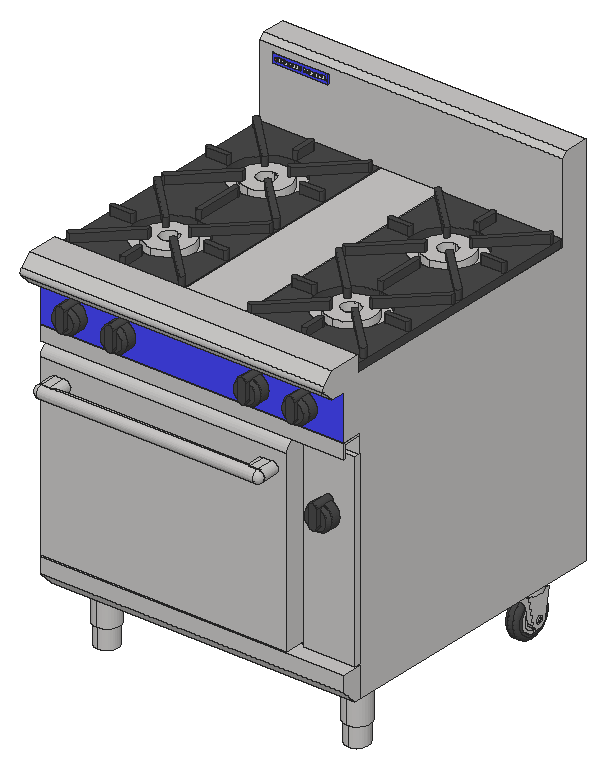
Revit family "QF_MOFFAT_BLUESEAL_CE_G54D", category Specialty Equipment, Revit 2012
Parameters
  Width = 750 mm  # constant formula
  Weight in Pounds = 399
  Watts = 130 W
  Volts = 230 V
  URL Cutsheet = "www.moffat.com"
  URL = "www.moffat.com"
  Type Mark [instance] = ""
  Status [instance] = ""
  Specification by User [instance] = ""
  Specification by Manufacturer = ""
  Show Logo [instance] = yes
  Show Clearance [instance] = yes
  Show Casters [instance] = yes
  Serial Number = ""
  Seismic Rating = ""
  SMACNA No = ""
  Revision Code [instance] = ""
  Phase = 1
  Omniclass Number and Title = ""
  Number of Poles [instance] = 1
  NAFEM Spec ID Number = ""
  Model = "G54D"
  Min Ckt Ampacity = 0 A
  Mechanical Remarks [instance] = ""
  Mechanical Connection Type [instance] = ""
  Max Overcurrent Protection = 0 A
  Masterspec = ""
  Manufacturer = "MOFFAT BLUESEAL"
  Legs [instance] = not(Show Casters)  # no
  Item Number [instance] = ""
  Installed By [instance] = ""
  Identify Quantity as Lot [instance] = yes
  Height = 1085 mm  # constant formula
  HP = ""
  Gas Size = 3/4"
  Gas RI Height [instance] = 0 mm
  Gas KW = 37
  Gas Input = 126000.0 Btu/h
  Gas Connection Height = 0 mm
  Furnished By [instance] = ""
  Foodservice Equipment Identifier [instance] = yes
  FL Amps = 0.6 A
  Electrical Remarks = ""
  Electric Connection Type = ""
  Elec Conn RI Height = 0 mm
  Elec Conn Connection Height = 0 mm
  Description = "750MM GAS RANGE WITH CONVECTION OVEN"
  Depth = 812 mm  # constant formula
  Cycle = 60 Hz
  Conn Plug = ""
  Conn Conduit = yes
  CSI MasterFormat = ""
  CSI Master Format = ""
  Apparent Power = 0 VA
Reference planes
  plane 1 "BACK": y = 0
  plane 2: z = 0
  plane 3 "LEFT": x = 0
  plane 4 "RIGHT": x = 750
  plane 5 "FRONT": y = -812
  plane 6 "TOP": z = 970
  plane 7 "Center Y": x = 375
  plane 8 "Center X": y = -406
  plane 9: y = -100
  plane 10 "Base Height": z = 150
  plane 11: x = 65.8
  plane 12: x = 620
  plane 13: x = 685
  plane 14: x = 684.2
  plane 15: y = -500
  plane 16: x = 676
  plane 17: z = 1085
Forms (mm)
  Extrusion 1, solid, material "QF_Finishes_Stainless Steel"
    sketch origin (0, 0, 0) x (0, 1, 0) y (0, 0, 1)
      loop
        line (-784.97, 850) -> (-749, 850) -> (-749, 740) -> (-699, 740) -> (-699, 150) -> (0, 150) -> (0, 1085) -> (-57.5, 1085) -> (-70, 1072.5) -> (-70, 875) -> (-705, 875) -> (-705, 915) -> (-783.97, 915) -> (-808.469, 890.501)
        arc (-808.469, 890.501) -> (-811.99, 882) -> (-808.469, 873.499) r 12.022
        line (-808.469, 873.499) -> (-784.97, 850)
    from 0 to 750
  Extrusion 2, solid, material "QF_Finishes_Stainless Steel"
    sketch origin (555.062, 3, 100) x (1, 0, 0) y (0, 1, 0)
      loop
        circle (65, -35) r 13.5
    from 555 to 640
  Revolve 3, solid, material "QF_Finishes_Stainless Steel"
    sketch origin (65, -728, 0) x (0, 1, 0) y (0, 0, 1)
      loop
        line (71.25, 150) -> (71.25, 50) -> (75.5, 50) -> (75.5, 0) -> (103, 0) -> (103, 150) -> (71.25, 150)
      axis (103, 150) -> (103, 0)
    angle from 0 to 360
  Extrusion 4, solid, material "QF_Finishes_Black"
    sketch origin (0, -70, 875) x (0, -1, 0) y (1, 0, 0)
      loop
        arc (1, 4) -> (1.879, 1.879) -> (4, 1) r 3
        line (4, 1) -> (632, 1)
        arc (632, 1) -> (634.121, 1.879) -> (635, 4) r 3
        line (635, 4) -> (635, 297)
        arc (635, 297) -> (634.121, 299.121) -> (632, 300) r 3
        line (632, 300) -> (4, 300)
        arc (4, 300) -> (1.879, 299.121) -> (1, 297) r 3
        line (1, 297) -> (1, 4)
      loop
        circle (167.5, 150) r 85
      loop
        circle (467.768, 150) r 85
    from 0 to 19.5
  Extrusion 5, solid, material "QF_Finishes_Black"
    sketch origin (0, -73.5, 894.5) x (0, -1, 0) y (1, 0, 0)
      loop
        spline (323.602, 15.153) -> (322.681, 13.924) -> (322.131, 12.47) -> (321.99, 10.89) -> (322.267, 9.292) -> (322.943, 7.786) -> (323.973, 6.473) -> (325.286, 5.443) -> (326.792, 4.767) -> (328.39, 4.49) -> (329.97, 4.631) -> (331.424, 5.181) -> (332.653, 6.102)
        line (332.653, 6.102) -> (440.576, 114.025)
        spline (440.576, 114.025) -> (441.337, 115.095) -> (441.738, 116.399) -> (441.751, 117.851) -> (441.375, 119.35) -> (440.637, 120.795) -> (439.586, 122.086) -> (438.295, 123.137) -> (436.85, 123.875) -> (435.351, 124.251) -> (433.899, 124.238) -> (432.595, 123.837) -> (431.525, 123.076)
        line (431.525, 123.076) -> (323.602, 15.153)
      loop
        spline (371.852, 143.6) -> (373.146, 143.818) -> (374.352, 144.457) -> (375.388, 145.475) -> (376.182, 146.8) -> (376.682, 148.344) -> (376.852, 150) -> (376.682, 151.656) -> (376.182, 153.2) -> (375.388, 154.525) -> (374.352, 155.543) -> (373.146, 156.182) -> (371.852, 156.4)
        line (371.852, 156.4) -> (259.398, 156.4)
        spline (259.398, 156.4) -> (258.104, 156.182) -> (256.898, 155.543) -> (255.862, 154.525) -> (255.068, 153.2) -> (254.568, 151.656) -> (254.398, 150) -> (254.568, 148.344) -> (255.068, 146.8) -> (255.862, 145.475) -> (256.898, 144.457) -> (258.104, 143.818) -> (259.398, 143.6)
        line (259.398, 143.6) -> (371.852, 143.6)
      loop
        line (311.398, 15.153) -> (203.475, 123.076)
        spline (203.475, 123.076) -> (202.405, 123.837) -> (201.101, 124.238) -> (199.649, 124.251) -> (198.15, 123.875) -> (196.705, 123.137) -> (195.414, 122.086) -> (194.363, 120.795) -> (193.625, 119.35) -> (193.249, 117.851) -> (193.262, 116.399) -> (193.663, 115.095) -> (194.424, 114.025)
        line (194.424, 114.025) -> (302.347, 6.102)
        spline (302.347, 6.102) -> (303.416, 5.341) -> (304.721, 4.941) -> (306.172, 4.928) -> (307.671, 5.303) -> (309.116, 6.041) -> (310.408, 7.092) -> (311.459, 8.384) -> (312.197, 9.829) -> (312.572, 11.328) -> (312.559, 12.779) -> (312.159, 14.084) -> (311.398, 15.153)
      loop
        line (323.602, 284.847) -> (431.525, 176.924)
        spline (431.525, 176.924) -> (432.595, 176.163) -> (433.899, 175.762) -> (435.351, 175.749) -> (436.85, 176.125) -> (438.295, 176.863) -> (439.586, 177.914) -> (440.637, 179.205) -> (441.375, 180.65) -> (441.751, 182.149) -> (441.738, 183.601) -> (441.337, 184.905) -> (440.576, 185.975)
        line (440.576, 185.975) -> (332.653, 293.898)
        spline (332.653, 293.898) -> (331.424, 294.819) -> (329.97, 295.369) -> (328.39, 295.51) -> (326.792, 295.233) -> (325.286, 294.557) -> (323.973, 293.527) -> (322.943, 292.214) -> (322.267, 290.708) -> (321.99, 289.11) -> (322.131, 287.53) -> (322.681, 286.076) -> (323.602, 284.847)
      loop
        spline (311.398, 284.847) -> (312.159, 285.916) -> (312.559, 287.221) -> (312.572, 288.672) -> (312.197, 290.171) -> (311.459, 291.616) -> (310.408, 292.908) -> (309.116, 293.959) -> (307.671, 294.697) -> (306.172, 295.072) -> (304.721, 295.059) -> (303.416, 294.659) -> (302.347, 293.898)
        line (302.347, 293.898) -> (194.424, 185.975)
        spline (194.424, 185.975) -> (193.663, 184.905) -> (193.262, 183.601) -> (193.249, 182.149) -> (193.625, 180.65) -> (194.363, 179.205) -> (195.414, 177.914) -> (196.705, 176.863) -> (198.15, 176.125) -> (199.649, 175.749) -> (201.101, 175.762) -> (202.405, 176.163) -> (203.475, 176.924)
        line (203.475, 176.924) -> (311.398, 284.847)
      loop
        spline (73.549, 143.6) -> (74.844, 143.818) -> (76.049, 144.457) -> (77.085, 145.475) -> (77.88, 146.8) -> (78.379, 148.344) -> (78.549, 150) -> (78.379, 151.656) -> (77.88, 153.2) -> (77.085, 154.525) -> (76.049, 155.543) -> (74.844, 156.182) -> (73.549, 156.4)
        line (73.549, 156.4) -> (25.093, 156.4)
        spline (25.093, 156.4) -> (23.799, 156.182) -> (22.593, 155.543) -> (21.558, 154.525) -> (20.763, 153.2) -> (20.264, 151.656) -> (20.093, 150) -> (20.264, 148.344) -> (20.763, 146.8) -> (21.558, 145.475) -> (22.593, 144.457) -> (23.799, 143.818) -> (25.093, 143.6)
        line (25.093, 143.6) -> (73.549, 143.6)
      loop
        spline (608.1, 143.6) -> (609.394, 143.818) -> (610.6, 144.457) -> (611.636, 145.475) -> (612.43, 146.8) -> (612.93, 148.344) -> (613.1, 150) -> (612.93, 151.656) -> (612.43, 153.2) -> (611.636, 154.525) -> (610.6, 155.543) -> (609.394, 156.182) -> (608.1, 156.4)
        line (608.1, 156.4) -> (558.644, 156.4)
        spline (558.644, 156.4) -> (557.35, 156.182) -> (556.144, 155.543) -> (555.108, 154.525) -> (554.314, 153.2) -> (553.814, 151.656) -> (553.644, 150) -> (553.814, 148.344) -> (554.314, 146.8) -> (555.108, 145.475) -> (556.144, 144.457) -> (557.35, 143.818) -> (558.644, 143.6)
        line (558.644, 143.6) -> (608.1, 143.6)
      loop
        spline (457.6, 10.156) -> (457.818, 8.862) -> (458.457, 7.656) -> (459.475, 6.62) -> (460.8, 5.826) -> (462.344, 5.326) -> (464, 5.156) -> (465.656, 5.326) -> (467.2, 5.826) -> (468.525, 6.62) -> (469.543, 7.656) -> (470.182, 8.862) -> (470.4, 10.156)
        line (470.4, 10.156) -> (470.4, 58.612)
        spline (470.4, 58.612) -> (470.182, 59.906) -> (469.543, 61.112) -> (468.525, 62.148) -> (467.2, 62.942) -> (465.656, 63.442) -> (464, 63.612) -> (462.344, 63.442) -> (460.8, 62.942) -> (459.475, 62.148) -> (458.457, 61.112) -> (457.818, 59.906) -> (457.6, 58.612)
        line (457.6, 58.612) -> (457.6, 10.156)
      loop
        spline (160.966, 10.156) -> (161.184, 8.862) -> (161.823, 7.656) -> (162.841, 6.62) -> (164.166, 5.826) -> (165.71, 5.326) -> (167.366, 5.156) -> (169.022, 5.326) -> (170.566, 5.826) -> (171.892, 6.62) -> (172.909, 7.656) -> (173.548, 8.862) -> (173.766, 10.156)
        line (173.766, 10.156) -> (173.766, 58.612)
        spline (173.766, 58.612) -> (173.548, 59.906) -> (172.909, 61.112) -> (171.892, 62.148) -> (170.566, 62.942) -> (169.022, 63.442) -> (167.366, 63.612) -> (165.71, 63.442) -> (164.166, 62.942) -> (162.841, 62.148) -> (161.823, 61.112) -> (161.184, 59.906) -> (160.966, 58.612)
        line (160.966, 58.612) -> (160.966, 10.156)
      loop
        spline (457.6, 241.636) -> (457.818, 240.342) -> (458.457, 239.136) -> (459.475, 238.1) -> (460.8, 237.306) -> (462.344, 236.806) -> (464, 236.636) -> (465.656, 236.806) -> (467.2, 237.306) -> (468.525, 238.1) -> (469.543, 239.136) -> (470.182, 240.342) -> (470.4, 241.636)
        line (470.4, 241.636) -> (470.4, 290.092)
        spline (470.4, 290.092) -> (470.182, 291.386) -> (469.543, 292.592) -> (468.525, 293.628) -> (467.2, 294.422) -> (465.656, 294.922) -> (464, 295.092) -> (462.344, 294.922) -> (460.8, 294.422) -> (459.475, 293.628) -> (458.457, 292.592) -> (457.818, 291.386) -> (457.6, 290.092)
        line (457.6, 290.092) -> (457.6, 241.636)
      loop
        spline (160.966, 241.636) -> (161.184, 240.342) -> (161.823, 239.136) -> (162.841, 238.1) -> (164.166, 237.306) -> (165.71, 236.806) -> (167.366, 236.636) -> (169.022, 236.806) -> (170.566, 237.306) -> (171.892, 238.1) -> (172.909, 239.136) -> (173.548, 240.342) -> (173.766, 241.636)
        line (173.766, 241.636) -> (173.766, 290.092)
        spline (173.766, 290.092) -> (173.548, 291.386) -> (172.909, 292.592) -> (171.892, 293.628) -> (170.566, 294.422) -> (169.022, 294.922) -> (167.366, 295.092) -> (165.71, 294.922) -> (164.166, 294.422) -> (162.841, 293.628) -> (161.823, 292.592) -> (161.184, 291.386) -> (160.966, 290.092)
        line (160.966, 290.092) -> (160.966, 241.636)
      loop
        line (323.602, 734.847) -> (431.525, 626.924)
        spline (431.525, 626.924) -> (432.595, 626.163) -> (433.899, 625.762) -> (435.351, 625.749) -> (436.85, 626.125) -> (438.295, 626.863) -> (439.586, 627.914) -> (440.637, 629.205) -> (441.375, 630.65) -> (441.751, 632.149) -> (441.738, 633.601) -> (441.337, 634.905) -> (440.576, 635.975)
        line (440.576, 635.975) -> (332.653, 743.898)
        spline (332.653, 743.898) -> (331.424, 744.819) -> (329.97, 745.369) -> (328.39, 745.51) -> (326.792, 745.233) -> (325.286, 744.557) -> (323.973, 743.527) -> (322.943, 742.214) -> (322.267, 740.708) -> (321.99, 739.11) -> (322.131, 737.53) -> (322.681, 736.076) -> (323.602, 734.847)
      loop
        line (371.852, 606.4) -> (259.398, 606.4)
        spline (259.398, 606.4) -> (258.104, 606.182) -> (256.898, 605.543) -> (255.862, 604.525) -> (255.068, 603.2) -> (254.568, 601.656) -> (254.398, 600) -> (254.568, 598.344) -> (255.068, 596.8) -> (255.862, 595.475) -> (256.898, 594.457) -> (258.104, 593.818) -> (259.398, 593.6)
        line (259.398, 593.6) -> (371.852, 593.6)
        spline (371.852, 593.6) -> (373.146, 593.818) -> (374.352, 594.457) -> (375.388, 595.475) -> (376.182, 596.8) -> (376.682, 598.344) -> (376.852, 600) -> (376.682, 601.656) -> (376.182, 603.2) -> (375.388, 604.525) -> (374.352, 605.543) -> (373.146, 606.182) -> (371.852, 606.4)
      loop
        spline (311.398, 734.847) -> (312.159, 735.916) -> (312.559, 737.221) -> (312.572, 738.672) -> (312.197, 740.171) -> (311.459, 741.616) -> (310.408, 742.908) -> (309.116, 743.959) -> (307.671, 744.697) -> (306.172, 745.072) -> (304.721, 745.059) -> (303.416, 744.659) -> (302.347, 743.898)
        line (302.347, 743.898) -> (194.424, 635.975)
        spline (194.424, 635.975) -> (193.663, 634.905) -> (193.262, 633.601) -> (193.249, 632.149) -> (193.625, 630.65) -> (194.363, 629.205) -> (195.414, 627.914) -> (196.705, 626.863) -> (198.15, 626.125) -> (199.649, 625.749) -> (201.101, 625.762) -> (202.405, 626.163) -> (203.475, 626.924)
        line (203.475, 626.924) -> (311.398, 734.847)
      loop
        spline (323.602, 465.153) -> (322.681, 463.924) -> (322.131, 462.47) -> (321.99, 460.89) -> (322.267, 459.292) -> (322.943, 457.786) -> (323.973, 456.473) -> (325.286, 455.443) -> (326.792, 454.767) -> (328.39, 454.49) -> (329.97, 454.631) -> (331.424, 455.181) -> (332.653, 456.102)
        line (332.653, 456.102) -> (440.576, 564.025)
        spline (440.576, 564.025) -> (441.337, 565.095) -> (441.738, 566.399) -> (441.751, 567.851) -> (441.375, 569.35) -> (440.637, 570.795) -> (439.586, 572.086) -> (438.295, 573.137) -> (436.85, 573.875) -> (435.351, 574.251) -> (433.899, 574.238) -> (432.595, 573.837) -> (431.525, 573.076)
        line (431.525, 573.076) -> (323.602, 465.153)
      loop
        line (311.398, 465.153) -> (203.475, 573.076)
        spline (203.475, 573.076) -> (202.405, 573.837) -> (201.101, 574.238) -> (199.649, 574.251) -> (198.15, 573.875) -> (196.705, 573.137) -> (195.414, 572.086) -> (194.363, 570.795) -> (193.625, 569.35) -> (193.249, 567.851) -> (193.262, 566.399) -> (193.663, 565.095) -> (194.424, 564.025)
        line (194.424, 564.025) -> (302.347, 456.102)
        spline (302.347, 456.102) -> (303.416, 455.341) -> (304.721, 454.941) -> (306.172, 454.928) -> (307.671, 455.303) -> (309.116, 456.041) -> (310.408, 457.092) -> (311.459, 458.384) -> (312.197, 459.829) -> (312.572, 461.328) -> (312.559, 462.779) -> (312.159, 464.084) -> (311.398, 465.153)
      loop
        line (73.549, 606.4) -> (25.093, 606.4)
        spline (25.093, 606.4) -> (23.799, 606.182) -> (22.593, 605.543) -> (21.558, 604.525) -> (20.763, 603.2) -> (20.264, 601.656) -> (20.093, 600) -> (20.264, 598.344) -> (20.763, 596.8) -> (21.558, 595.475) -> (22.593, 594.457) -> (23.799, 593.818) -> (25.093, 593.6)
        line (25.093, 593.6) -> (73.549, 593.6)
        spline (73.549, 593.6) -> (74.844, 593.818) -> (76.049, 594.457) -> (77.085, 595.475) -> (77.88, 596.8) -> (78.379, 598.344) -> (78.549, 600) -> (78.379, 601.656) -> (77.88, 603.2) -> (77.085, 604.525) -> (76.049, 605.543) -> (74.844, 606.182) -> (73.549, 606.4)
      loop
        line (608.1, 606.4) -> (558.644, 606.4)
        spline (558.644, 606.4) -> (557.35, 606.182) -> (556.144, 605.543) -> (555.108, 604.525) -> (554.314, 603.2) -> (553.814, 601.656) -> (553.644, 600) -> (553.814, 598.344) -> (554.314, 596.8) -> (555.108, 595.475) -> (556.144, 594.457) -> (557.35, 593.818) -> (558.644, 593.6)
        line (558.644, 593.6) -> (608.1, 593.6)
        spline (608.1, 593.6) -> (609.394, 593.818) -> (610.6, 594.457) -> (611.636, 595.475) -> (612.43, 596.8) -> (612.93, 598.344) -> (613.1, 600) -> (612.93, 601.656) -> (612.43, 603.2) -> (611.636, 604.525) -> (610.6, 605.543) -> (609.394, 606.182) -> (608.1, 606.4)
      loop
        line (457.6, 739.844) -> (457.6, 691.388)
        spline (457.6, 691.388) -> (457.818, 690.094) -> (458.457, 688.888) -> (459.475, 687.852) -> (460.8, 687.058) -> (462.344, 686.558) -> (464, 686.388) -> (465.656, 686.558) -> (467.2, 687.058) -> (468.525, 687.852) -> (469.543, 688.888) -> (470.182, 690.094) -> (470.4, 691.388)
        line (470.4, 691.388) -> (470.4, 739.844)
        spline (470.4, 739.844) -> (470.182, 741.138) -> (469.543, 742.344) -> (468.525, 743.38) -> (467.2, 744.174) -> (465.656, 744.674) -> (464, 744.844) -> (462.344, 744.674) -> (460.8, 744.174) -> (459.475, 743.38) -> (458.457, 742.344) -> (457.818, 741.138) -> (457.6, 739.844)
      loop
        line (160.966, 739.844) -> (160.966, 691.388)
        spline (160.966, 691.388) -> (161.184, 690.094) -> (161.823, 688.888) -> (162.841, 687.852) -> (164.166, 687.058) -> (165.71, 686.558) -> (167.366, 686.388) -> (169.022, 686.558) -> (170.566, 687.058) -> (171.892, 687.852) -> (172.909, 688.888) -> (173.548, 690.094) -> (173.766, 691.388)
        line (173.766, 691.388) -> (173.766, 739.844)
        spline (173.766, 739.844) -> (173.548, 741.138) -> (172.909, 742.344) -> (171.892, 743.38) -> (170.566, 744.174) -> (169.022, 744.674) -> (167.366, 744.844) -> (165.71, 744.674) -> (164.166, 744.174) -> (162.841, 743.38) -> (161.823, 742.344) -> (161.184, 741.138) -> (160.966, 739.844)
      loop
        line (457.6, 508.364) -> (457.6, 459.908)
        spline (457.6, 459.908) -> (457.818, 458.614) -> (458.457, 457.408) -> (459.475, 456.372) -> (460.8, 455.578) -> (462.344, 455.078) -> (464, 454.908) -> (465.656, 455.078) -> (467.2, 455.578) -> (468.525, 456.372) -> (469.543, 457.408) -> (470.182, 458.614) -> (470.4, 459.908)
        line (470.4, 459.908) -> (470.4, 508.364)
        spline (470.4, 508.364) -> (470.182, 509.658) -> (469.543, 510.864) -> (468.525, 511.9) -> (467.2, 512.694) -> (465.656, 513.194) -> (464, 513.364) -> (462.344, 513.194) -> (460.8, 512.694) -> (459.475, 511.9) -> (458.457, 510.864) -> (457.818, 509.658) -> (457.6, 508.364)
      loop
        line (160.966, 508.364) -> (160.966, 459.908)
        spline (160.966, 459.908) -> (161.184, 458.614) -> (161.823, 457.408) -> (162.841, 456.372) -> (164.166, 455.578) -> (165.71, 455.078) -> (167.366, 454.908) -> (169.022, 455.078) -> (170.566, 455.578) -> (171.892, 456.372) -> (172.909, 457.408) -> (173.548, 458.614) -> (173.766, 459.908)
        line (173.766, 459.908) -> (173.766, 508.364)
        spline (173.766, 508.364) -> (173.548, 509.658) -> (172.909, 510.864) -> (171.892, 511.9) -> (170.566, 512.694) -> (169.022, 513.194) -> (167.366, 513.364) -> (165.71, 513.194) -> (164.166, 512.694) -> (162.841, 511.9) -> (161.823, 510.864) -> (161.184, 509.658) -> (160.966, 508.364)
      loop
        spline (604.398, 734.847) -> (605.319, 736.076) -> (605.869, 737.53) -> (606.01, 739.11) -> (605.733, 740.708) -> (605.057, 742.214) -> (604.027, 743.527) -> (602.714, 744.557) -> (601.208, 745.233) -> (599.61, 745.51) -> (598.03, 745.369) -> (596.576, 744.819) -> (595.347, 743.898)
        line (595.347, 743.898) -> (487.424, 635.975)
        spline (487.424, 635.975) -> (486.663, 634.905) -> (486.262, 633.601) -> (486.249, 632.149) -> (486.625, 630.65) -> (487.363, 629.205) -> (488.414, 627.914) -> (489.705, 626.863) -> (491.15, 626.125) -> (492.649, 625.749) -> (494.101, 625.762) -> (495.405, 626.163) -> (496.475, 626.924)
        line (496.475, 626.924) -> (604.398, 734.847)
      loop
        line (604.398, 465.153) -> (496.475, 573.076)
        spline (496.475, 573.076) -> (495.405, 573.837) -> (494.101, 574.238) -> (492.649, 574.251) -> (491.15, 573.875) -> (489.705, 573.137) -> (488.414, 572.086) -> (487.363, 570.795) -> (486.625, 569.35) -> (486.249, 567.851) -> (486.262, 566.399) -> (486.663, 565.095) -> (487.424, 564.025)
        line (487.424, 564.025) -> (595.347, 456.102)
        spline (595.347, 456.102) -> (596.576, 455.181) -> (598.03, 454.631) -> (599.61, 454.49) -> (601.208, 454.767) -> (602.714, 455.443) -> (604.027, 456.473) -> (605.057, 457.786) -> (605.733, 459.292) -> (606.01, 460.89) -> (605.869, 462.47) -> (605.319, 463.924) -> (604.398, 465.153)
      loop
        line (604.398, 15.153) -> (496.475, 123.076)
        spline (496.475, 123.076) -> (495.405, 123.837) -> (494.101, 124.238) -> (492.649, 124.251) -> (491.15, 123.875) -> (489.705, 123.137) -> (488.414, 122.086) -> (487.363, 120.795) -> (486.625, 119.35) -> (486.249, 117.851) -> (486.262, 116.399) -> (486.663, 115.095) -> (487.424, 114.025)
        line (487.424, 114.025) -> (595.347, 6.102)
        spline (595.347, 6.102) -> (596.576, 5.181) -> (598.03, 4.631) -> (599.61, 4.49) -> (601.208, 4.767) -> (602.714, 5.443) -> (604.027, 6.473) -> (605.057, 7.786) -> (605.733, 9.292) -> (606.01, 10.89) -> (605.869, 12.47) -> (605.319, 13.924) -> (604.398, 15.153)
      loop
        spline (604.398, 284.847) -> (605.319, 286.076) -> (605.869, 287.53) -> (606.01, 289.11) -> (605.733, 290.708) -> (605.057, 292.214) -> (604.027, 293.527) -> (602.714, 294.557) -> (601.208, 295.233) -> (599.61, 295.51) -> (598.03, 295.369) -> (596.576, 294.819) -> (595.347, 293.898)
        line (595.347, 293.898) -> (487.424, 185.975)
        spline (487.424, 185.975) -> (486.663, 184.905) -> (486.262, 183.601) -> (486.249, 182.149) -> (486.625, 180.65) -> (487.363, 179.205) -> (488.414, 177.914) -> (489.705, 176.863) -> (491.15, 176.125) -> (492.649, 175.749) -> (494.101, 175.762) -> (495.405, 176.163) -> (496.475, 176.924)
        line (496.475, 176.924) -> (604.398, 284.847)
      loop
        line (16.602, 734.847) -> (124.525, 626.924)
        spline (124.525, 626.924) -> (125.595, 626.163) -> (126.899, 625.762) -> (128.351, 625.749) -> (129.85, 626.125) -> (131.295, 626.863) -> (132.586, 627.914) -> (133.637, 629.205) -> (134.375, 630.65) -> (134.751, 632.149) -> (134.738, 633.601) -> (134.337, 634.905) -> (133.576, 635.975)
        line (133.576, 635.975) -> (25.653, 743.898)
        spline (25.653, 743.898) -> (24.584, 744.659) -> (23.279, 745.059) -> (21.828, 745.072) -> (20.329, 744.697) -> (18.884, 743.959) -> (17.592, 742.908) -> (16.541, 741.616) -> (15.803, 740.171) -> (15.428, 738.672) -> (15.441, 737.221) -> (15.841, 735.916) -> (16.602, 734.847)
      loop
        spline (16.602, 465.153) -> (15.841, 464.084) -> (15.441, 462.779) -> (15.428, 461.328) -> (15.803, 459.829) -> (16.541, 458.384) -> (17.592, 457.092) -> (18.884, 456.041) -> (20.329, 455.303) -> (21.828, 454.928) -> (23.279, 454.941) -> (24.584, 455.341) -> (25.653, 456.102)
        line (25.653, 456.102) -> (133.576, 564.025)
        spline (133.576, 564.025) -> (134.337, 565.095) -> (134.738, 566.399) -> (134.751, 567.851) -> (134.375, 569.35) -> (133.637, 570.795) -> (132.586, 572.086) -> (131.295, 573.137) -> (129.85, 573.875) -> (128.351, 574.251) -> (126.899, 574.238) -> (125.595, 573.837) -> (124.525, 573.076)
        line (124.525, 573.076) -> (16.602, 465.153)
      loop
        spline (16.602, 15.153) -> (15.841, 14.084) -> (15.441, 12.779) -> (15.428, 11.328) -> (15.803, 9.829) -> (16.541, 8.384) -> (17.592, 7.092) -> (18.884, 6.041) -> (20.329, 5.303) -> (21.828, 4.928) -> (23.279, 4.941) -> (24.584, 5.341) -> (25.653, 6.102)
        line (25.653, 6.102) -> (133.576, 114.025)
        spline (133.576, 114.025) -> (134.337, 115.095) -> (134.738, 116.399) -> (134.751, 117.851) -> (134.375, 119.35) -> (133.637, 120.795) -> (132.586, 122.086) -> (131.295, 123.137) -> (129.85, 123.875) -> (128.351, 124.251) -> (126.899, 124.238) -> (125.595, 123.837) -> (124.525, 123.076)
        line (124.525, 123.076) -> (16.602, 15.153)
      loop
        line (16.602, 284.847) -> (124.525, 176.924)
        spline (124.525, 176.924) -> (125.595, 176.163) -> (126.899, 175.762) -> (128.351, 175.749) -> (129.85, 176.125) -> (131.295, 176.863) -> (132.586, 177.914) -> (133.637, 179.205) -> (134.375, 180.65) -> (134.751, 182.149) -> (134.738, 183.601) -> (134.337, 184.905) -> (133.576, 185.975)
        line (133.576, 185.975) -> (25.653, 293.898)
        spline (25.653, 293.898) -> (24.584, 294.659) -> (23.279, 295.059) -> (21.828, 295.072) -> (20.329, 294.697) -> (18.884, 293.959) -> (17.592, 292.908) -> (16.541, 291.616) -> (15.803, 290.171) -> (15.428, 288.672) -> (15.441, 287.221) -> (15.841, 285.916) -> (16.602, 284.847)
    from 0 to 20.5
  Revolve 6, solid, material "QF_Finishes_Stainless Steel"
    sketch origin (685, -728, 0) x (0, 1, 0) y (0, 0, -1)
      loop
        line (71.25, -150) -> (103, -150) -> (103, 0) -> (75.5, 0) -> (75.5, -50) -> (71.25, -50) -> (71.25, -150)
      axis (103, -150) -> (103, 0)
    angle from 0 to 360
  Extrusion 7, solid, material "QF_Finishes_Stainless Steel"
    sketch origin (0, -70, 875) x (0, -1, 0) y (1, 0, 0)
      loop
        line (634, 300) -> (634, 450) -> (0, 450) -> (0, 300) -> (634, 300)
    from 0 to 19.5
  Extrusion 8, void
    sketch origin (0, -749, 227.5) x (0, 0, -1) y (-1, 0, 0)
      loop
        line (-465, -610) -> (-465, -625) -> (0, -625) -> (0, -610) -> (-465, -610)
    from -7 to 50
  Extrusion 9, solid, material "QF_Finishes_Black"
    sketch origin (750, -70, 875) x (0, -1, 0) y (1, 0, 0)
      loop
        line (1, -4) -> (1, -297)
        arc (1, -297) -> (1.879, -299.121) -> (4, -300) r 3
        line (4, -300) -> (632, -300)
        arc (632, -300) -> (634.121, -299.121) -> (635, -297) r 3
        line (635, -297) -> (635, -4)
        arc (635, -4) -> (634.121, -1.879) -> (632, -1) r 3
        line (632, -1) -> (4, -1)
        arc (4, -1) -> (1.879, -1.879) -> (1, -4) r 3
      loop
        circle (167.5, -150) r 85
      loop
        circle (467.768, -150) r 85
    from 0 to 19.5
  Revolve 10, solid, material "QF_Finishes_Black"
    sketch origin (210, 7, 758.895) x (0, -1, 0) y (0, 0, 1)
      loop
        line (789, 69.605) -> (766, 69.605) -> (766, 42.105) -> (756, 42.105) -> (756, 37.105) -> (800, 37.105) -> (800, 63.757) -> (789, 69.605)
      axis (800, 37.105) -> (756, 37.105)
    angle from 0 to 360
  Revolve 11, solid, material "QF_Finishes_Black"
    sketch origin (89.999, 7, 758.768) x (0, 1, 0) y (0, 0, -1)
      loop
        line (-789, -69.5) -> (-766, -69.5) -> (-766, -42) -> (-756, -42) -> (-756, -37) -> (-800, -37) -> (-800, -63.651) -> (-789, -69.5)
      axis (-800, -37) -> (-756, -37)
    angle from 0 to 360
  Extrusion 12, solid, material "QF_Finishes_Black"
    sketch origin (228.269, 7, 758.926) x (-1, 0, 0) y (0, 0, -1)
      loop
        arc (148.269, -24.969) -> (138.269, -14.969) -> (128.269, -24.969) r 10
        line (128.269, -24.969) -> (128.269, -63.969)
        arc (128.269, -63.969) -> (138.269, -73.969) -> (148.269, -63.969) r 10
        line (148.269, -63.969) -> (148.269, -24.969)
    from 759 to 808
  Extrusion 13, solid, material "QF_Finishes_Black"
    sketch origin (349.45, 7, 758.926) x (-1, 0, 0) y (0, 0, -1)
      loop
        arc (148.269, -24.969) -> (138.269, -14.969) -> (128.269, -24.969) r 10
        line (128.269, -24.969) -> (128.269, -63.969)
        arc (128.269, -63.969) -> (138.269, -73.969) -> (148.269, -63.969) r 10
        line (148.269, -63.969) -> (148.269, -24.969)
    from 759 to 808
  Revolve 14, solid, material "QF_Finishes_Black"
    sketch origin (540, 7, 758.895) x (0, -1, 0) y (0, 0, -1)
      loop
        line (789, -69.605) -> (800, -63.757) -> (800, -37.105) -> (756, -37.105) -> (756, -42.105) -> (766, -42.105) -> (766, -69.605) -> (789, -69.605)
      axis (800, -37.105) -> (756, -37.105)
    angle from 0 to 360
  Revolve 15, solid, material "QF_Finishes_Black"
    sketch origin (660.001, 7, 758.768) x (0, 1, 0) y (0, 0, 1)
      loop
        line (-789, 69.5) -> (-800, 63.651) -> (-800, 37) -> (-756, 37) -> (-756, 42) -> (-766, 42) -> (-766, 69.5) -> (-789, 69.5)
      axis (-800, 37) -> (-756, 37)
    angle from 0 to 360
  Extrusion 16, solid, material "QF_Finishes_Black"
    sketch origin (521.731, 7, 758.926) x (1, 0, 0) y (0, 0, 1)
      loop
        line (148.269, 24.969) -> (148.269, 63.969)
        arc (148.269, 63.969) -> (138.269, 73.969) -> (128.269, 63.969) r 10
        line (128.269, 63.969) -> (128.269, 24.969)
        arc (128.269, 24.969) -> (138.269, 14.969) -> (148.269, 24.969) r 10
    from 759 to 808
  Extrusion 17, solid, material "QF_Finishes_Black"
    sketch origin (401.731, 7, 758.926) x (1, 0, 0) y (0, 0, 1)
      loop
        line (148.269, 24.969) -> (148.269, 63.969)
        arc (148.269, 63.969) -> (138.269, 73.969) -> (128.269, 63.969) r 10
        line (128.269, 63.969) -> (128.269, 24.969)
        arc (128.269, 24.969) -> (138.269, 14.969) -> (148.269, 24.969) r 10
    from 759 to 808
  Revolve 18, solid, material "QF_Finishes_Black"
    sketch origin (687.53, 42.5, 355.134) x (0, 1, 0) y (0, 0, 1)
      loop
        line (-789, 229.5) -> (-800, 223.651) -> (-800, 197) -> (-756, 197) -> (-756, 202) -> (-766, 202) -> (-766, 229.5) -> (-789, 229.5)
      axis (-800, 197) -> (-756, 197)
    angle from 0 to 360
  Extrusion 19, solid, material "QF_Finishes_Black"
    sketch origin (549.26, 42.5, 355.292) x (1, 0, 0) y (0, 0, 1)
      loop
        line (148.269, 184.969) -> (148.269, 223.969)
        arc (148.269, 223.969) -> (138.269, 233.969) -> (128.269, 223.969) r 10
        line (128.269, 223.969) -> (128.269, 184.969)
        arc (128.269, 184.969) -> (138.269, 174.969) -> (148.269, 184.969) r 10
    from 759 to 808
  Extrusion 20, solid, material "QF_Door-Drawer Clearances", visible <- "Show Clearance", detail levels coarse
    sketch origin (0, 7, 0) x (0, -1, 0) y (0, 0, 1)
      loop
        line (756, 690.016) -> (756, 227.5) -> (1218.516, 227.5)
        arc (1218.516, 227.5) -> (1083.048, 554.548) -> (756, 690.016) r 462.516
    from 0 to -610
  Extrusion 21, void
    sketch origin (0, 0, 150) x (-1, 0, 0) y (0, -1, 0)
      loop
        line (-681, 87.26) -> (-681, -30.24) -> (-551.5, -30.24) -> (-551.5, 38.76) -> (-600, 87.26) -> (-681, 87.26)
    from 72.5 to 590
  Extrusion 22, void
    sketch origin (35, -749, 227.5) x (0, 0, -1) y (-1, 0, 0)
      loop
        line (-472.5, -590) -> (-472.5, -715) -> (0, -715) -> (0, -590) -> (-472.5, -590)
    from -7 to 35
  Extrusion 23, solid, material "QF_Finishes_Stainless Steel"
    sketch origin (0, -70, 875) x (0, -1, 0) y (1, 0, 0)
      loop
        circle (467.5, 600) r 57
      loop
        circle (167.5, 600) r 57
      loop
        circle (467.5, 600) r 22
      loop
        circle (167.5, 600) r 22
      loop
        circle (467.5, 150) r 57
      loop
        circle (167.5, 150) r 57
      loop
        circle (467.5, 150) r 22
      loop
        circle (167.5, 150) r 22
    from 0 to 19.5
  Extrusion 24, solid, material "QF_Finishes_Stainless Steel"
    sketch origin (0, -749, 227.5) x (0, 0, 1) y (-1, 0, 0)
      loop
        line (380.625, -38.246) -> (380.625, -58.528)
        arc (380.625, -58.528) -> (395.625, -73.528) -> (410.625, -58.528) r 15
        line (410.625, -58.528) -> (410.625, -38.246)
        arc (410.625, -38.246) -> (395.625, -23.246) -> (380.625, -38.246) r 15
      loop
        arc (380.625, -573.039) -> (395.625, -588.039) -> (410.625, -573.039) r 15
        line (410.625, -573.039) -> (410.625, -552.757)
        arc (410.625, -552.757) -> (395.625, -537.757) -> (380.625, -552.757) r 15
        line (380.625, -552.757) -> (380.625, -573.039)
    from 0 to 44
  Revolve 25, solid, material "QF_Finishes_Stainless Steel"
    sketch origin (0, -793, 0) x (1, 0, 0) y (0, 0, 1)
      loop
        arc (588.039, 623.125) -> (583.646, 633.732) -> (573.039, 638.125) r 15
        line (573.039, 638.125) -> (38.246, 638.125)
        arc (38.246, 638.125) -> (27.64, 633.732) -> (23.246, 623.125) r 15
        line (23.246, 623.125) -> (588.039, 623.125)
      axis (588.039, 623.125) -> (23.246, 623.125)
    angle from 0 to 360
  Extrusion 26, solid, material "QF_Finishes_Stainless Steel"
    sketch origin (0, 7, 0) x (0, 1, 0) y (0, 0, 1)
      loop
        line (-706, 227.5) -> (-706, 692.5) -> (-729.805, 692.5)
        arc (-729.805, 692.5) -> (-748.328, 684.828) -> (-756, 666.305) r 26.195
        line (-756, 666.305) -> (-756, 227.5) -> (-706, 227.5)
    from 0 to 750
  Extrusion 27, solid, material "QF_Finishes_Stainless Steel"
    sketch origin (0, 7, 0) x (0, 1, 0) y (0, 0, 1)
      loop
        line (-756, 738) -> (-756, 703) -> (-752.98, 703) -> (-752.98, 735) -> (-708, 735) -> (-708, 738) -> (-756, 738)
    from 0 to 750
  Extrusion 28, solid, material "QF_Finishes_Stainless Steel"
    sketch origin (0, 7, 0) x (0, 1, 0) y (0, 0, 1)
      loop
        line (-706, 222.5) -> (-756, 222.5) -> (-756, 186) -> (-720, 150) -> (-706, 150) -> (-706, 222.5)
    from 0 to 750
  Extrusion 29, solid, material "QF_Finishes_Stainless Steel"
    sketch origin (0, 0, 150) x (-1, 0, 0) y (0, -1, 0)
      loop
        circle (-676, 501) r 6.35
    from 0 to -1.6
  Extrusion 30, solid, material "QF_Finishes_Stainless Steel", visible <- "Show Casters"
    sketch origin (71.501, 133.353, -8.783) x (0, 1, 0) y (0, 0, 1)
      loop
        line (-201.603, 118.783) -> (-265.103, 118.783) -> (-252.746, 53.895)
        arc (-252.746, 53.895) -> (-233.353, 38.783) -> (-213.959, 53.895) r 20
        line (-213.959, 53.895) -> (-201.603, 118.783)
    from -35.667 to 22.923
  Revolve 31, solid, material "QF_Finishes_Stainless Steel", visible <- "Show Casters"
    sketch origin (65, -203, 0) x (0, 1, 0) y (0, 0, 1)
      loop
        line (67.25, 150) -> (67.25, 110) -> (103, 110) -> (103, 150) -> (67.25, 150)
      axis (103, 150) -> (103, 110)
    angle from 0 to 360
  Revolve 32, solid, material "QF_Finishes_Stainless Steel", visible <- "Show Casters"
    sketch origin (685, -203, 0) x (0, 1, 0) y (0, 0, -1)
      loop
        line (67.25, -150) -> (103, -150) -> (103, -110) -> (67.25, -110) -> (67.25, -150)
      axis (103, -150) -> (103, -110)
    angle from 0 to 360
  Revolve 33, solid, material "QF_Finishes_Stainless Steel", visible <- "Show Casters"
    sketch origin (635.776, -99.755, -13.653) x (1, 0, 0) y (0, 0, 1)
      loop
        line (14.841, 64.453) -> (83.584, 64.453) -> (83.584, 67.958) -> (82.314, 69.228) -> (80.79, 69.228) -> (80.79, 72.674) -> (68.644, 72.674) -> (68.644, 82.639) -> (65.088, 84.692) -> (63.738, 93.028) -> (65.881, 93.028) -> (65.881, 99.378) -> (65.088, 99.378) -> (65.088, 105.728)
        arc (65.088, 105.728) -> (62.298, 112.463) -> (55.563, 115.253) r 9.525
        line (55.563, 115.253) -> (42.863, 115.253)
        arc (42.863, 115.253) -> (36.127, 112.463) -> (33.338, 105.728) r 9.525
        line (33.338, 105.728) -> (33.338, 99.378) -> (32.544, 99.378) -> (32.544, 93.028) -> (34.687, 93.028) -> (33.352, 84.781) -> (29.782, 82.719) -> (29.782, 72.674) -> (17.635, 72.674) -> (17.635, 69.228) -> (16.111, 69.228) -> (14.841, 67.958) -> (14.841, 64.453)
      axis (14.841, 64.453) -> (83.584, 64.453)
    angle from 0 to 360
  Extrusion 34, solid, material "QF_Finishes_Stainless Steel", visible <- "Show Casters"
    sketch origin (691.501, 133.353, -8.783) x (0, 1, 0) y (0, 0, 1)
      loop
        line (-201.603, 118.783) -> (-265.103, 118.783) -> (-252.746, 53.895)
        arc (-252.746, 53.895) -> (-233.353, 38.783) -> (-213.959, 53.895) r 20
        line (-213.959, 53.895) -> (-201.603, 118.783)
    from -35.667 to 22.923
  Revolve 35, solid, material "QF_Finishes_Stainless Steel", visible <- "Legs"
    sketch origin (65, -165, 0) x (0, 1, 0) y (0, 0, 1)
      loop
        line (33.25, 150) -> (33.25, 50) -> (37.5, 50) -> (37.5, 0) -> (65, 0) -> (65, 150) -> (33.25, 150)
      axis (65, 150) -> (65, 0)
    angle from 0 to 360
  Revolve 36, solid, material "QF_Finishes_Stainless Steel", visible <- "Legs"
    sketch origin (685, -165, 0) x (0, 1, 0) y (0, 0, -1)
      loop
        line (33.25, -150) -> (65, -150) -> (65, 0) -> (37.5, 0) -> (37.5, -50) -> (33.25, -50) -> (33.25, -150)
      axis (65, -150) -> (65, 0)
    angle from 0 to 360
  Revolve 37, solid, material "QF_Finishes_Stainless Steel", visible <- "Show Casters"
    sketch origin (114.224, -99.755, -13.653) x (-1, 0, 0) y (0, 0, -1)
      loop
        line (14.841, -64.453) -> (14.841, -67.958) -> (16.111, -69.228) -> (17.635, -69.228) -> (17.635, -72.674) -> (29.782, -72.674) -> (29.782, -82.719) -> (33.352, -84.781) -> (34.687, -93.028) -> (32.544, -93.028) -> (32.544, -99.378) -> (33.338, -99.378) -> (33.338, -105.728)
        arc (33.338, -105.728) -> (36.127, -112.463) -> (42.863, -115.253) r 9.525
        line (42.863, -115.253) -> (55.563, -115.253)
        arc (55.563, -115.253) -> (62.298, -112.463) -> (65.088, -105.728) r 9.525
        line (65.088, -105.728) -> (65.088, -99.378) -> (65.881, -99.378) -> (65.881, -93.028) -> (63.738, -93.028) -> (65.088, -84.692) -> (68.644, -82.639) -> (68.644, -72.674) -> (80.79, -72.674) -> (80.79, -69.228) -> (82.314, -69.228) -> (83.584, -67.958) -> (83.584, -64.453) -> (14.841, -64.453)
      axis (14.841, -64.453) -> (83.584, -64.453)
    angle from 0 to 360
Cuts and joins
  Extrusion 8, Extrusion 21, Extrusion 22 cuts Extrusion 1
  Extrusion 8, Extrusion 22 cuts Extrusion 26
Lines and regions (mm)
  Split face 1
    outline origin (0, -70, 894.5) x (0, -1, 0) y (1, 0, 0)
      loop
        circle (45.037, 327.576) r 8
  Split face 2
    outline origin (47.424, -70, 894.5) x (0, -1, 0) y (1, 0, 0)
      loop
        circle (45.037, 327.576) r 8
  Split face 3
    outline origin (750, -70, 894.5) x (0, -1, 0) y (1, 0, 0)
      loop
        circle (45.037, -327.576) r 8
  Split face 4
    outline origin (0, -104, 894.5) x (0, -1, 0) y (1, 0, 0)
      loop
        circle (45.037, 327.576) r 8
  Split face 5
    outline origin (47.424, -104, 894.5) x (0, -1, 0) y (1, 0, 0)
      loop
        circle (45.037, 327.576) r 8
  Split face 6
    outline origin (750, -104, 894.5) x (0, -1, 0) y (1, 0, 0)
      loop
        circle (45.037, -327.576) r 8
  Split face 7
    outline origin (0, -138, 894.5) x (0, -1, 0) y (1, 0, 0)
      loop
        circle (45.037, 327.576) r 8
  Split face 8
    outline origin (47.424, -138, 894.5) x (0, -1, 0) y (1, 0, 0)
      loop
        circle (45.037, 327.576) r 8
  Split face 9
    outline origin (750, -138, 894.5) x (0, -1, 0) y (1, 0, 0)
      loop
        circle (45.037, -327.576) r 8
  Split face 10
    outline origin (0, -172, 894.5) x (0, -1, 0) y (1, 0, 0)
      loop
        circle (45.037, 327.576) r 8
  Split face 11
    outline origin (47.424, -172, 894.5) x (0, -1, 0) y (1, 0, 0)
      loop
        circle (45.037, 327.576) r 8
  Split face 12
    outline origin (750, -172, 894.5) x (0, -1, 0) y (1, 0, 0)
      loop
        circle (45.037, -327.576) r 8
  Split face 13
    outline origin (0, -206, 894.5) x (0, -1, 0) y (1, 0, 0)
      loop
        circle (45.037, 327.576) r 8
  Split face 14
    outline origin (47.424, -206, 894.5) x (0, -1, 0) y (1, 0, 0)
      loop
        circle (45.037, 327.576) r 8
  Split face 15
    outline origin (750, -206, 894.5) x (0, -1, 0) y (1, 0, 0)
      loop
        circle (45.037, -327.576) r 8
  Split face 16
    outline origin (0, -240, 894.5) x (0, -1, 0) y (1, 0, 0)
      loop
        circle (45.037, 327.576) r 8
  Split face 17
    outline origin (47.424, -240, 894.5) x (0, -1, 0) y (1, 0, 0)
      loop
        circle (45.037, 327.576) r 8
  Split face 18
    outline origin (750, -240, 894.5) x (0, -1, 0) y (1, 0, 0)
      loop
        circle (45.037, -327.576) r 8
  Split face 19
    outline origin (0, -274, 894.5) x (0, -1, 0) y (1, 0, 0)
      loop
        circle (45.037, 327.576) r 8
  Split face 20
    outline origin (47.424, -274, 894.5) x (0, -1, 0) y (1, 0, 0)
      loop
        circle (45.037, 327.576) r 8
  Split face 21
    outline origin (750, -274, 894.5) x (0, -1, 0) y (1, 0, 0)
      loop
        circle (45.037, -327.576) r 8
  Split face 22
    outline origin (0, -308, 894.5) x (0, -1, 0) y (1, 0, 0)
      loop
        circle (45.037, 327.576) r 8
  Split face 23
    outline origin (47.424, -308, 894.5) x (0, -1, 0) y (1, 0, 0)
      loop
        circle (45.037, 327.576) r 8
  Split face 24
    outline origin (750, -308, 894.5) x (0, -1, 0) y (1, 0, 0)
      loop
        circle (45.037, -327.576) r 8
  Split face 25
    outline origin (0, -342, 894.5) x (0, -1, 0) y (1, 0, 0)
      loop
        circle (45.037, 327.576) r 8
  Split face 26
    outline origin (47.424, -342, 894.5) x (0, -1, 0) y (1, 0, 0)
      loop
        circle (45.037, 327.576) r 8
  Split face 27
    outline origin (750, -342, 894.5) x (0, -1, 0) y (1, 0, 0)
      loop
        circle (45.037, -327.576) r 8
  Split face 28
    outline origin (0, -376, 894.5) x (0, -1, 0) y (1, 0, 0)
      loop
        circle (45.037, 327.576) r 8
  Split face 29
    outline origin (47.424, -376, 894.5) x (0, -1, 0) y (1, 0, 0)
      loop
        circle (45.037, 327.576) r 8
  Split face 30
    outline origin (750, -376, 894.5) x (0, -1, 0) y (1, 0, 0)
      loop
        circle (45.037, -327.576) r 8
  Split face 31
    outline origin (0, -410, 894.5) x (0, -1, 0) y (1, 0, 0)
      loop
        circle (45.037, 327.576) r 8
  Split face 32
    outline origin (47.424, -410, 894.5) x (0, -1, 0) y (1, 0, 0)
      loop
        circle (45.037, 327.576) r 8
  Split face 33
    outline origin (750, -410, 894.5) x (0, -1, 0) y (1, 0, 0)
      loop
        circle (45.037, -327.576) r 8
  Split face 34
    outline origin (0, -444, 894.5) x (0, -1, 0) y (1, 0, 0)
      loop
        circle (45.037, 327.576) r 8
  Split face 35
    outline origin (47.424, -444, 894.5) x (0, -1, 0) y (1, 0, 0)
      loop
        circle (45.037, 327.576) r 8
  Split face 36
    outline origin (750, -444, 894.5) x (0, -1, 0) y (1, 0, 0)
      loop
        circle (45.037, -327.576) r 8
  Split face 37
    outline origin (0, -478, 894.5) x (0, -1, 0) y (1, 0, 0)
      loop
        circle (45.037, 327.576) r 8
  Split face 38
    outline origin (47.424, -478, 894.5) x (0, -1, 0) y (1, 0, 0)
      loop
        circle (45.037, 327.576) r 8
  Split face 39
    outline origin (750, -478, 894.5) x (0, -1, 0) y (1, 0, 0)
      loop
        circle (45.037, -327.576) r 8
  Split face 40
    outline origin (0, -512, 894.5) x (0, -1, 0) y (1, 0, 0)
      loop
        circle (45.037, 327.576) r 8
  Split face 41
    outline origin (47.424, -512, 894.5) x (0, -1, 0) y (1, 0, 0)
      loop
        circle (45.037, 327.576) r 8
  Split face 42
    outline origin (750, -512, 894.5) x (0, -1, 0) y (1, 0, 0)
      loop
        circle (45.037, -327.576) r 8
  Split face 43
    outline origin (0, -546, 894.5) x (0, -1, 0) y (1, 0, 0)
      loop
        circle (45.037, 327.576) r 8
  Split face 44
    outline origin (47.424, -546, 894.5) x (0, -1, 0) y (1, 0, 0)
      loop
        circle (45.037, 327.576) r 8
  Split face 45
    outline origin (750, -546, 894.5) x (0, -1, 0) y (1, 0, 0)
      loop
        circle (45.037, -327.576) r 8
  Split face 46
    outline origin (0, -580, 894.5) x (0, -1, 0) y (1, 0, 0)
      loop
        circle (45.037, 327.576) r 8
  Split face 47
    outline origin (47.424, -580, 894.5) x (0, -1, 0) y (1, 0, 0)
      loop
        circle (45.037, 327.576) r 8
  Split face 48
    outline origin (750, -580, 894.5) x (0, -1, 0) y (1, 0, 0)
      loop
        circle (45.037, -327.576) r 8
  Split face 49
    outline origin (0, -614, 894.5) x (0, -1, 0) y (1, 0, 0)
      loop
        circle (45.037, 327.576) r 8
  Split face 50
    outline origin (47.424, -614, 894.5) x (0, -1, 0) y (1, 0, 0)
      loop
        circle (45.037, 327.576) r 8
  Split face 51
    outline origin (750, -614, 894.5) x (0, -1, 0) y (1, 0, 0)
      loop
        circle (45.037, -327.576) r 8
  Split face 52
    outline origin (750, 0, 1085) x (-1, 0, 0) y (0, -1, 0)
      loop
        arc (485.206, 45.385) -> (476.545, 40.385) -> (476.545, 30.385) r 10
        line (476.545, 30.385) -> (480.587, 23.385)
        arc (480.587, 23.385) -> (484.247, 19.725) -> (489.247, 18.385) r 10
        line (489.247, 18.385) -> (717.206, 18.385)
        arc (717.206, 18.385) -> (725.866, 23.385) -> (725.866, 33.385) r 10
        line (725.866, 33.385) -> (721.824, 40.385)
        arc (721.824, 40.385) -> (718.164, 44.045) -> (713.164, 45.385) r 10
        line (713.164, 45.385) -> (485.206, 45.385)
  Split face 53
    outline origin (750, 0, 1085) x (-1, 0, 0) y (0, -1, 0)
      loop
        arc (35.206, 45.385) -> (26.545, 40.385) -> (26.545, 30.385) r 10
        line (26.545, 30.385) -> (30.587, 23.385)
        arc (30.587, 23.385) -> (34.247, 19.725) -> (39.247, 18.385) r 10
        line (39.247, 18.385) -> (267.206, 18.385)
        arc (267.206, 18.385) -> (275.866, 23.385) -> (275.866, 33.385) r 10
        line (275.866, 33.385) -> (271.824, 40.385)
        arc (271.824, 40.385) -> (268.164, 44.045) -> (263.164, 45.385) r 10
        line (263.164, 45.385) -> (35.206, 45.385)
  symbolic lines
    curve 1: line (0, 0, 0) -> (0, -812, 0)
    curve 2: line (750, 0, 0) -> (0, 0, 0)
    curve 3: line (750, -812, 0) -> (750, 0, 0)
    curve 4: line (0, -812, 0) -> (750, -812, 0)
    curve 5: line (750, -705, 0) -> (0, -705, 0)
    curve 6: line (0, -70, 0) -> (750, -70, 0)
    curve 7: line (0, -391, 0) -> (300, -391, 0)
    curve 8: arc (327.576, -123.037, 0) -> (335.576, -115.037, 0) -> (327.576, -107.037, 0) r 8
    curve 9: arc (327.576, -107.037, 0) -> (319.576, -115.037, 0) -> (327.576, -123.037, 0) r 8
    curve 10: arc (375, -123.037, 0) -> (383, -115.037, 0) -> (375, -107.037, 0) r 8
    curve 11: arc (375, -107.037, 0) -> (367, -115.037, 0) -> (375, -123.037, 0) r 8
    curve 12: arc (422.424, -123.037, 0) -> (430.424, -115.037, 0) -> (422.424, -107.037, 0) r 8
    curve 13: arc (422.424, -107.037, 0) -> (414.424, -115.037, 0) -> (422.424, -123.037, 0) r 8
    curve 14: arc (327.576, -157.037, 0) -> (335.576, -149.037, 0) -> (327.576, -141.037, 0) r 8
    curve 15: arc (327.576, -141.037, 0) -> (319.576, -149.037, 0) -> (327.576, -157.037, 0) r 8
    curve 16: arc (375, -157.037, 0) -> (383, -149.037, 0) -> (375, -141.037, 0) r 8
    curve 17: arc (375, -141.037, 0) -> (367, -149.037, 0) -> (375, -157.037, 0) r 8
    curve 18: arc (422.424, -157.037, 0) -> (430.424, -149.037, 0) -> (422.424, -141.037, 0) r 8
    curve 19: arc (422.424, -141.037, 0) -> (414.424, -149.037, 0) -> (422.424, -157.037, 0) r 8
    curve 20: arc (327.576, -191.037, 0) -> (335.576, -183.037, 0) -> (327.576, -175.037, 0) r 8
    curve 21: arc (327.576, -175.037, 0) -> (319.576, -183.037, 0) -> (327.576, -191.037, 0) r 8
    curve 22: arc (375, -191.037, 0) -> (383, -183.037, 0) -> (375, -175.037, 0) r 8
    curve 23: arc (375, -175.037, 0) -> (367, -183.037, 0) -> (375, -191.037, 0) r 8
    curve 24: arc (422.424, -191.037, 0) -> (430.424, -183.037, 0) -> (422.424, -175.037, 0) r 8
    curve 25: arc (422.424, -175.037, 0) -> (414.424, -183.037, 0) -> (422.424, -191.037, 0) r 8
    curve 26: arc (327.576, -225.037, 0) -> (335.576, -217.037, 0) -> (327.576, -209.037, 0) r 8
    curve 27: arc (327.576, -209.037, 0) -> (319.576, -217.037, 0) -> (327.576, -225.037, 0) r 8
    curve 28: arc (375, -225.037, 0) -> (383, -217.037, 0) -> (375, -209.037, 0) r 8
    curve 29: arc (375, -209.037, 0) -> (367, -217.037, 0) -> (375, -225.037, 0) r 8
    curve 30: arc (422.424, -225.037, 0) -> (430.424, -217.037, 0) -> (422.424, -209.037, 0) r 8
    curve 31: arc (422.424, -209.037, 0) -> (414.424, -217.037, 0) -> (422.424, -225.037, 0) r 8
    curve 32: arc (327.576, -259.037, 0) -> (335.576, -251.037, 0) -> (327.576, -243.037, 0) r 8
    curve 33: arc (327.576, -243.037, 0) -> (319.576, -251.037, 0) -> (327.576, -259.037, 0) r 8
    curve 34: arc (375, -259.037, 0) -> (383, -251.037, 0) -> (375, -243.037, 0) r 8
    curve 35: arc (375, -243.037, 0) -> (367, -251.037, 0) -> (375, -259.037, 0) r 8
    curve 36: arc (422.424, -259.037, 0) -> (430.424, -251.037, 0) -> (422.424, -243.037, 0) r 8
    curve 37: arc (422.424, -243.037, 0) -> (414.424, -251.037, 0) -> (422.424, -259.037, 0) r 8
    curve 38: arc (327.576, -293.037, 0) -> (335.576, -285.037, 0) -> (327.576, -277.037, 0) r 8
    curve 39: arc (327.576, -277.037, 0) -> (319.576, -285.037, 0) -> (327.576, -293.037, 0) r 8
    curve 40: arc (375, -293.037, 0) -> (383, -285.037, 0) -> (375, -277.037, 0) r 8
    curve 41: arc (375, -277.037, 0) -> (367, -285.037, 0) -> (375, -293.037, 0) r 8
    curve 42: arc (422.424, -293.037, 0) -> (430.424, -285.037, 0) -> (422.424, -277.037, 0) r 8
    curve 43: arc (422.424, -277.037, 0) -> (414.424, -285.037, 0) -> (422.424, -293.037, 0) r 8
    curve 44: arc (327.576, -327.037, 0) -> (335.576, -319.037, 0) -> (327.576, -311.037, 0) r 8
    curve 45: arc (327.576, -311.037, 0) -> (319.576, -319.037, 0) -> (327.576, -327.037, 0) r 8
    curve 46: arc (375, -327.037, 0) -> (383, -319.037, 0) -> (375, -311.037, 0) r 8
    curve 47: arc (375, -311.037, 0) -> (367, -319.037, 0) -> (375, -327.037, 0) r 8
    curve 48: arc (422.424, -327.037, 0) -> (430.424, -319.037, 0) -> (422.424, -311.037, 0) r 8
    curve 49: arc (422.424, -311.037, 0) -> (414.424, -319.037, 0) -> (422.424, -327.037, 0) r 8
    curve 50: arc (327.576, -361.037, 0) -> (335.576, -353.037, 0) -> (327.576, -345.037, 0) r 8
    curve 51: arc (327.576, -345.037, 0) -> (319.576, -353.037, 0) -> (327.576, -361.037, 0) r 8
    curve 52: arc (375, -361.037, 0) -> (383, -353.037, 0) -> (375, -345.037, 0) r 8
    curve 53: arc (375, -345.037, 0) -> (367, -353.037, 0) -> (375, -361.037, 0) r 8
    curve 54: arc (422.424, -361.037, 0) -> (430.424, -353.037, 0) -> (422.424, -345.037, 0) r 8
    curve 55: arc (422.424, -345.037, 0) -> (414.424, -353.037, 0) -> (422.424, -361.037, 0) r 8
    curve 56: arc (327.576, -395.037, 0) -> (335.576, -387.037, 0) -> (327.576, -379.037, 0) r 8
    curve 57: arc (327.576, -379.037, 0) -> (319.576, -387.037, 0) -> (327.576, -395.037, 0) r 8
    curve 58: arc (375, -395.037, 0) -> (383, -387.037, 0) -> (375, -379.037, 0) r 8
    curve 59: arc (375, -379.037, 0) -> (367, -387.037, 0) -> (375, -395.037, 0) r 8
    curve 60: arc (422.424, -395.037, 0) -> (430.424, -387.037, 0) -> (422.424, -379.037, 0) r 8
    curve 61: arc (422.424, -379.037, 0) -> (414.424, -387.037, 0) -> (422.424, -395.037, 0) r 8
    curve 62: arc (327.576, -429.037, 0) -> (335.576, -421.037, 0) -> (327.576, -413.037, 0) r 8
    curve 63: arc (327.576, -413.037, 0) -> (319.576, -421.037, 0) -> (327.576, -429.037, 0) r 8
    curve 64: arc (375, -429.037, 0) -> (383, -421.037, 0) -> (375, -413.037, 0) r 8
    curve 65: arc (375, -413.037, 0) -> (367, -421.037, 0) -> (375, -429.037, 0) r 8
    curve 66: arc (422.424, -429.037, 0) -> (430.424, -421.037, 0) -> (422.424, -413.037, 0) r 8
    curve 67: arc (422.424, -413.037, 0) -> (414.424, -421.037, 0) -> (422.424, -429.037, 0) r 8
    curve 68: arc (327.576, -463.037, 0) -> (335.576, -455.037, 0) -> (327.576, -447.037, 0) r 8
    curve 69: arc (327.576, -447.037, 0) -> (319.576, -455.037, 0) -> (327.576, -463.037, 0) r 8
    curve 70: arc (375, -463.037, 0) -> (383, -455.037, 0) -> (375, -447.037, 0) r 8
    curve 71: arc (375, -447.037, 0) -> (367, -455.037, 0) -> (375, -463.037, 0) r 8
    curve 72: arc (422.424, -463.037, 0) -> (430.424, -455.037, 0) -> (422.424, -447.037, 0) r 8
    curve 73: arc (422.424, -447.037, 0) -> (414.424, -455.037, 0) -> (422.424, -463.037, 0) r 8
    curve 74: arc (327.576, -497.037, 0) -> (335.576, -489.037, 0) -> (327.576, -481.037, 0) r 8
    curve 75: arc (327.576, -481.037, 0) -> (319.576, -489.037, 0) -> (327.576, -497.037, 0) r 8
    curve 76: arc (375, -497.037, 0) -> (383, -489.037, 0) -> (375, -481.037, 0) r 8
    curve 77: arc (375, -481.037, 0) -> (367, -489.037, 0) -> (375, -497.037, 0) r 8
    curve 78: arc (422.424, -497.037, 0) -> (430.424, -489.037, 0) -> (422.424, -481.037, 0) r 8
    curve 79: arc (422.424, -481.037, 0) -> (414.424, -489.037, 0) -> (422.424, -497.037, 0) r 8
    curve 80: arc (327.576, -531.037, 0) -> (335.576, -523.037, 0) -> (327.576, -515.037, 0) r 8
    curve 81: arc (327.576, -515.037, 0) -> (319.576, -523.037, 0) -> (327.576, -531.037, 0) r 8
    curve 82: arc (375, -531.037, 0) -> (383, -523.037, 0) -> (375, -515.037, 0) r 8
    curve 83: arc (375, -515.037, 0) -> (367, -523.037, 0) -> (375, -531.037, 0) r 8
    curve 84: arc (422.424, -531.037, 0) -> (430.424, -523.037, 0) -> (422.424, -515.037, 0) r 8
    curve 85: arc (422.424, -515.037, 0) -> (414.424, -523.037, 0) -> (422.424, -531.037, 0) r 8
    curve 86: arc (327.576, -565.037, 0) -> (335.576, -557.037, 0) -> (327.576, -549.037, 0) r 8
    curve 87: arc (327.576, -549.037, 0) -> (319.576, -557.037, 0) -> (327.576, -565.037, 0) r 8
    curve 88: arc (375, -565.037, 0) -> (383, -557.037, 0) -> (375, -549.037, 0) r 8
    curve 89: arc (375, -549.037, 0) -> (367, -557.037, 0) -> (375, -565.037, 0) r 8
    curve 90: arc (422.424, -565.037, 0) -> (430.424, -557.037, 0) -> (422.424, -549.037, 0) r 8
    curve 91: arc (422.424, -549.037, 0) -> (414.424, -557.037, 0) -> (422.424, -565.037, 0) r 8
    curve 92: arc (327.576, -599.037, 0) -> (335.576, -591.037, 0) -> (327.576, -583.037, 0) r 8
    curve 93: arc (327.576, -583.037, 0) -> (319.576, -591.037, 0) -> (327.576, -599.037, 0) r 8
    curve 94: arc (375, -599.037, 0) -> (383, -591.037, 0) -> (375, -583.037, 0) r 8
    curve 95: arc (375, -583.037, 0) -> (367, -591.037, 0) -> (375, -599.037, 0) r 8
    curve 96: arc (422.424, -599.037, 0) -> (430.424, -591.037, 0) -> (422.424, -583.037, 0) r 8
    curve 97: arc (422.424, -583.037, 0) -> (414.424, -591.037, 0) -> (422.424, -599.037, 0) r 8
    curve 98: arc (327.576, -633.037, 0) -> (335.576, -625.037, 0) -> (327.576, -617.037, 0) r 8
    curve 99: arc (327.576, -617.037, 0) -> (319.576, -625.037, 0) -> (327.576, -633.037, 0) r 8
    curve 100: arc (375, -633.037, 0) -> (383, -625.037, 0) -> (375, -617.037, 0) r 8
    curve 101: arc (375, -617.037, 0) -> (367, -625.037, 0) -> (375, -633.037, 0) r 8
    curve 102: arc (422.424, -633.037, 0) -> (430.424, -625.037, 0) -> (422.424, -617.037, 0) r 8
    curve 103: arc (422.424, -617.037, 0) -> (414.424, -625.037, 0) -> (422.424, -633.037, 0) r 8
    curve 104: arc (327.576, -667.037, 0) -> (335.576, -659.037, 0) -> (327.576, -651.037, 0) r 8
    curve 105: arc (327.576, -651.037, 0) -> (319.576, -659.037, 0) -> (327.576, -667.037, 0) r 8
    curve 106: arc (375, -667.037, 0) -> (383, -659.037, 0) -> (375, -651.037, 0) r 8
    curve 107: arc (375, -651.037, 0) -> (367, -659.037, 0) -> (375, -667.037, 0) r 8
    curve 108: arc (422.424, -667.037, 0) -> (430.424, -659.037, 0) -> (422.424, -651.037, 0) r 8
    curve 109: arc (422.424, -651.037, 0) -> (414.424, -659.037, 0) -> (422.424, -667.037, 0) r 8
    curve 110: line (600.012, -326, 0) -> (600.012, -448.358, 0)
    curve 111: line (599.966, -681.268, 0) -> (599.966, -628.558, 0)
    curve 112: line (740.74, -537.634, 0) -> (690.74, -537.634, 0)
    curve 113: line (571.407, -512.407, 0) -> (458.27, -399.27, 0)
    curve 114: line (750, -391, 0) -> (450, -391, 0)
    curve 115: line (458.233, -537.634, 0) -> (509.959, -537.634, 0)
    curve 119: line (300, -70, 0) -> (300, -705, 0)
    curve 120: line (450, -74, 0) -> (450, -705, 0)
    curve 121: arc (600, -480.5, 150) -> (543, -537.5, 150) -> (600, -594.5, 150) r 57
    curve 122: arc (600, -594.5, 150) -> (657, -537.5, 150) -> (600, -480.5, 150) r 57
    curve 123: arc (600, -622.768, 150) -> (515, -537.768, 150) -> (600, -452.768, 150) r 85
    curve 124: arc (600, -452.768, 150) -> (685, -537.768, 150) -> (600, -622.768, 150) r 85
    curve 125: arc (600, -515.5, 150) -> (622, -537.5, 150) -> (600, -559.5, 150) r 22
    curve 126: arc (600, -559.5, 150) -> (578, -537.5, 150) -> (600, -515.5, 150) r 22
    curve 127: line (628.593, -512.407, 0) -> (741.73, -399.27, 0)
    curve 128: line (571.407, -562.593, 0) -> (458.27, -675.73, 0)
    curve 129: line (628.593, -562.593, 0) -> (741.73, -675.73, 0)
    curve 130: line (599.966, -96.281, 0) -> (599.966, -149.16, 0)
    curve 131: line (571.407, -269.593, 0) -> (458.27, -382.73, 0)
    curve 132: line (628.593, -269.593, 0) -> (741.73, -382.73, 0)
    curve 133: line (571.407, -205.407, 0) -> (458.27, -92.27, 0)
    curve 134: line (628.593, -205.407, 0) -> (741.73, -92.27, 0)
    curve 135: line (740.74, -241, 0) -> (690.74, -241, 0)
    curve 136: line (458.233, -241, 0) -> (509.959, -241, 0)
    curve 137: arc (600, -322.5, 150) -> (515, -237.5, 150) -> (600, -152.5, 150) r 85
    curve 138: arc (600, -152.5, 150) -> (685, -237.5, 150) -> (600, -322.5, 150) r 85
